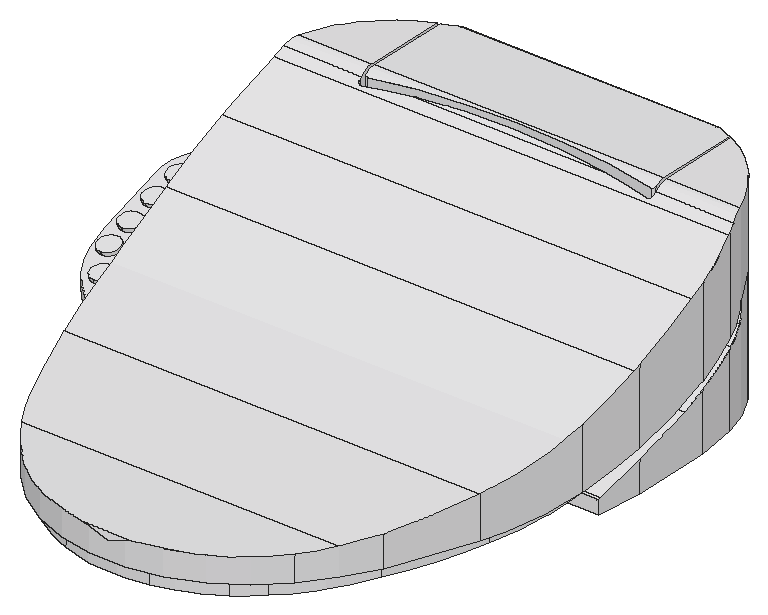
Revit family "Bidet_Seat-Elongated_Closed_Front-Cleansing-KOHLER-C3-300-K-23360T_1", category Plumbing Fixtures, host Face, Revit 2017
Family settings
  Host = Face
  Round Connector Dimension = Use Diameter
  Part Type = Normal
  OmniClass Number = 23.31.19.19.17
  OmniClass Title = Water Closet Seats
  Cut with Voids When Loaded = No
  Shared = No
  Room Calculation Point = No
Parameters (values of type "0-White")
  Width = 17 17/32"  # constant formula
  WaterSense Certified = 1 = 1  # yes
  Waste Water Outlet = "Waste Water Outlet"  # constant formula
  Waste Connection = 1 = 0  # no
  Voltage = 220 V  # constant formula
  Vent Connection = 1 = 0  # no
  URL = "http://www.kohler.com.cn/"
  Type = 1
  Seat Included = 1 = 1  # yes
  Product Page URL = "https://www.kohler.com.cn/product/K-23360T-0/K-23360T-0/"
  Product Name = "C3-300"  # constant formula
  Product Documentation Link = "https://files.kohler.com.cn/pdfs/1559803594104_%E5%B0%BA%E5%AF%B8%E5%9B%BE-C3-300%20%E7%B3%BB%E5%88%97.pdf"
  Pressure = 107.328 psi  # constant formula
  Model = if(Type = 1, "K-23360T-0", if(Type = 2, "K-23360T-HC-0", "NA"))  # "K-23360T-0"
  Material = "Plastic"  # constant formula
  Master Format 2014 Name = "Residential Water Closets"  # constant formula
  Master Format 2014 = "22 41 13.13"  # constant formula
  Manufacturer Address = "Kohler Beijing Office (100016) 36-2-03-B, No. 88, Liuxiang Road, Beijing"  # constant formula
  Manufacturer = "KOHLER Co."  # constant formula
  Length = 20 151/256"  # constant formula
  Hot Water Inlet = "Hot Water Inlet"  # constant formula
  Height = 6 79/256"  # constant formula
  HW Connection = 1 = 0  # no
  Flush Rate- LPF = "LPF"  # constant formula
  Flush Rate- GPF = "GPF"  # constant formula
  Flow Rate = 0 GPM
  Finish = Kohler-Plastic-0-White
  Environmental Product Declaration = ""
  Electrical Note = "One Dedicated Circuit Required "  # constant formula
  Electrical Connector = 1 = 1  # yes
  Description = if(Type = 1, "Qingshubao Smart Toilet Cover", if(Type = 2, "Qingshubao Smart Toilet Cover (Combined Version)", "NA"))  # "Qingshubao Smart Toilet Cover"
  Default Elevation = 0"
  Declare Label = ""
  Date Modified = "06/29/2021"  # constant formula
  Date Created = "06/29/2021"  # constant formula
  Copyright = "Copyright KOHLER Co."  # constant formula
  Contact Us = "http://www.kohler.com.cn/contact/contact-us/"
  Cold Water Inlet = "Cold Water Inlet"  # constant formula
  CW Connection = 1 = 1  # yes
  Assembly Code = "D2010100"
  Apparent Load = 0 VA
  ADA Compliant = 1 = 0  # no
Reference planes (in)
  plane 1 "Center (Front/Back)": y = 0
  plane 2: z = 0
  plane 3 "Center (Left/Right)": x = 0
  plane 4: through (-7.22853, -3.23407, 48) normal (-0.7547, -0.6561, 0)
  plane 5: x = 7.65748
  plane 6: y = -20.58984
  plane 7: x = -9.87377
  plane 8: x = -7.65748
  plane 9: y = -4.5
  plane 10: y = -3.21454
  plane 11: z = 6.30859
  plane 12: z = 1.55118
Dimensions and locks (in)
  "Length": plane 6 to plane 1 "Center (Front/Back)"
  "Width": plane 7 to plane 5
  plane 8 to plane 5 = 15.31496"
  "Height": level to plane 11
  plane 12 to level = 1.55118"
  aligned and locked: plane 2 to host face
  aligned and locked: level to host face
Automatic sketch dimensions
  host sketch curve to host sketch curve = 96"  (x2)
Nested families (in)
  nested 1: "K-23360T" at (0, 0, 0), type "K-23360T"
Connectors (in)
  piping at (-7.14489, -3.20713, 0.09478), diameter 0.5, driven by "CW Connection", driven by "Cold Water Inlet"
    settings: on nested 1, index 1, connector inside diameter 24", connector length 0", flow factor 0, pipe flow 0 GPM, pressure drop 0.00 psi, fitting loss kfactor 0, connector angle 0.00°, fixture units 0, engagement length 0", angle of deflection 0.00°, flow configuration 0, flow direction 1, fitting loss method 0, system type 20, joint type 0, gender type 0, connector reference index -1, connector utility 1, adjustable connector no, is connector primary yes, connector description "Cold Water Inlet"
  electrical at (-7.33021, -3.62811, 0.09478), driven by "Voltage", driven by "Electrical Connector", driven by "Electrical Note"
    settings: on nested 1, index 2, voltage 220 V, apparent load 0 VA, apparent load phase1 0 VA, apparent load phase2 0 VA, apparent load phase3 0 VA, power factor 1, load classification "Other", number of poles 1, system type 30, power factor state 1, is connector primary yes, connector utility yes, sub classification motor no, connector description "One Dedicated Circuit Required "
Definition of nested family "K-23360T"
  Parameters (values of type "K-23360T")
    Material = none
  Reference planes (in)
    plane 1 "Center (Front/Back)": y = 0
    plane 2: z = 0
    plane 3 "Center (Left/Right)": x = 0
    plane 4: x = 7.65748
    plane 5: x = -9.87402
    plane 6: y = -20.59055
    plane 7 "A": through (0, -5.00597, 2.67027) normal (0, -0.2084, 0.978)
    plane 8: z = 6.30709
    plane 9: y = -4.5
    plane 10: z = 1.55118
    plane 11: z = -0.62598
    plane 12 "X": through (-8.63286, -180, 0.62853) normal (0.5736, 0, -0.8192)
    plane 13 "Y": through (-7.39377, -3.67572, 48) normal (-0.9366, 0.3504, 0)
    plane 14: z = 0.21187
    plane 15: y = -3.21454
    plane 16: y = -3.62724
    plane 17: x = -7.65748
  Forms (in)
    Extrusion 1, solid, material <- "Material", detail levels medium+fine
      sketch origin (0, 0, 0) x (1, 0, 0) y (0, 1, 0)
        loop
          arc (-2.632, -0.22623) -> (-3.53382, -0.39472) -> (-4.40891, -0.67022) r 7.63098
          arc (-4.40891, -0.67022) -> (-5.54861, -1.2888) -> (-6.4872, -2.18358) r 4.92186
          arc (-6.4872, -2.18358) -> (-6.65991, -2.40843) -> (-6.8225, -2.64071) r 6.39864
          arc (-6.8225, -2.64071) -> (-7.24394, -3.41598) -> (-7.51871, -4.25452) r 4.87491
          arc (-7.51871, -4.25452) -> (-7.65124, -4.94369) -> (-7.73379, -5.64061) r 9.73724
          arc (-7.73379, -5.64061) -> (-7.79508, -6.94792) -> (-7.76478, -8.25632) r 18.70037
          arc (-7.76478, -8.25632) -> (-7.68749, -9.33825) -> (-7.58173, -10.41777) r 41.18957
          arc (-7.58173, -10.41777) -> (-7.30994, -12.11742) -> (-6.87733, -13.78342) r 18.03144
          arc (-6.87733, -13.78342) -> (-6.40401, -15.14752) -> (-5.84396, -16.47837) r 22.44287
          arc (-5.84396, -16.47837) -> (-5.26454, -17.54141) -> (-4.5453, -18.51531) r 8.8395
          arc (-4.5453, -18.51531) -> (0, -20.61682) -> (4.5453, -18.51531) r 5.96621
          arc (4.5453, -18.51531) -> (5.26454, -17.54141) -> (5.84396, -16.47837) r 8.8395
          arc (5.84396, -16.47837) -> (6.40401, -15.14752) -> (6.87733, -13.78342) r 22.44287
          arc (6.87733, -13.78342) -> (7.30994, -12.11742) -> (7.58173, -10.41777) r 18.03144
          arc (7.58173, -10.41777) -> (7.68749, -9.33825) -> (7.76478, -8.25632) r 41.18957
          arc (7.76478, -8.25632) -> (7.79508, -6.94792) -> (7.73379, -5.64061) r 18.70037
          arc (7.73379, -5.64061) -> (7.65124, -4.94369) -> (7.51871, -4.25452) r 9.73724
          arc (7.51871, -4.25452) -> (7.24394, -3.41598) -> (6.8225, -2.64071) r 4.87491
          arc (6.8225, -2.64071) -> (6.65991, -2.40843) -> (6.4872, -2.18358) r 6.39864
          arc (6.4872, -2.18358) -> (5.54861, -1.2888) -> (4.40891, -0.67022) r 4.92186
          arc (4.40891, -0.67022) -> (3.53382, -0.39472) -> (2.632, -0.22623) r 7.63098
          arc (2.632, -0.22623) -> (0, -0.0621) -> (-2.632, -0.22623) r 21.1856
      from 0 to 6.61994
    Extrusion 2, void
      sketch origin (0, 0, 0) x (0, 1, 0) y (0, 0, 1)
        loop
          line (-20.84085, -0.43611) -> (-9.8497, -0.43611) -> (-9.80406, 0.43476)
          arc (-9.80406, 0.43476) -> (-9.79103, 0.47046) -> (-9.76022, 0.49271) r 0.06479
          line (-9.76022, 0.49271) -> (-6.44053, 1.6219)
          arc (-6.44053, 1.6219) -> (-5.28955, 2.02742) -> (-4.14766, 2.45788) r 56.10147
          arc (-4.14766, 2.45788) -> (-3.847, 2.61454) -> (-3.58733, 2.8325) r 1.55864
          arc (-3.58733, 2.8325) -> (-3.3884, 3.15941) -> (-3.34529, 3.53966) r 0.88919
          line (-3.34529, 3.53966) -> (-3.55687, 3.46265)
          arc (-3.55687, 3.46265) -> (-3.60605, 3.1411) -> (-3.8408, 2.91592) r 0.50604
          arc (-3.8408, 2.91592) -> (-4.76036, 2.50905) -> (-5.69606, 2.14079) r 24.1626
          arc (-5.69606, 2.14079) -> (-7.83095, 1.46218) -> (-10.01952, 0.9842) r 24.1626
          arc (-10.01952, 0.9842) -> (-11.49314, 0.79074) -> (-12.9772, 0.71007) r 19.50147
          line (-12.9772, 0.71007) -> (-20.84085, 0.71007) -> (-20.84085, -0.43611)
        loop
          arc (-20.56292, 1.55813) -> (-19.07066, 1.55957) -> (-17.58075, 1.64339) r 27.01723
          arc (-17.58075, 1.64339) -> (-15.67367, 1.83538) -> (-13.77397, 2.09023) r 58.04729
          arc (-13.77397, 2.09023) -> (-11.05549, 2.70875) -> (-8.45763, 3.7206) r 18.89322
          arc (-8.45763, 3.7206) -> (-7.28636, 4.27326) -> (-6.11029, 4.81562) r 147.59323
          arc (-6.11029, 4.81562) -> (-5.17526, 5.28494) -> (-4.278, 5.82295) r 13.9622
          arc (-4.278, 5.82295) -> (-4.12834, 5.92865) -> (-3.98699, 6.04523) r 2.45477
          arc (-3.98699, 6.04523) -> (-3.78349, 6.17475) -> (-3.54956, 6.23364) r 0.75659
          arc (-3.54956, 6.23364) -> (-2.08684, 6.30288) -> (-0.62319, 6.25725) r 18.66812
          arc (-0.62319, 6.25725) -> (-0.59462, 6.2485) -> (-0.57277, 6.22812) r 0.06646
          line (-0.57277, 6.22812) -> (-0.31159, 5.84091)
          arc (-0.31159, 5.84091) -> (-0.28844, 5.79397) -> (-0.27868, 5.74256) r 0.19403
          line (-0.27868, 5.74256) -> (-0.05158, 1.40926) -> (0.73891, 1.40926) -> (0.73891, 6.84254) -> (-23.07999, 6.84254) -> (-23.07999, 1.11871) -> (-20.66437, 1.11871) -> (-20.56292, 1.55813)
      from -8.14785 to 8.3096
    Extrusion 3, void
      sketch origin (0, 0, 0) x (1, 0, 0) y (0, 1, 0)
        loop
          arc (-4.87511, -4.07413) -> (-4.83868, -4.15386) -> (-4.75456, -4.17852) r 0.10547
          arc (-4.75456, -4.17852) -> (0.00051, -3.83693) -> (4.75557, -4.17866) r 33.25991
          arc (4.75557, -4.17866) -> (4.83898, -4.15422) -> (4.87511, -4.07515) r 0.10459
          line (4.87511, -4.07515) -> (4.87511, 0.63275) -> (4.78652, 0.63275) -> (4.78652, -3.87997)
          arc (4.78652, -3.87997) -> (4.75946, -3.93939) -> (4.69688, -3.95801) r 0.07878
          arc (4.69688, -3.95801) -> (-0.0004, -3.63315) -> (-4.69762, -3.95885) r 34.0782
          arc (-4.69762, -3.95885) -> (-4.75968, -3.9404) -> (-4.78652, -3.88147) r 0.07813
          line (-4.78652, -3.88147) -> (-4.78652, 0.25976) -> (-4.87511, 0.25976) -> (-4.87511, -4.07413)
      from 5.37205 to 6.44426
    Extrusion 4, void
      sketch origin (0, 0, 0) x (1, 0, 0) y (0, 1, 0)
        loop
          arc (-7.2033, -10.07291) -> (-6.92091, -12.18279) -> (-6.39236, -14.24482) r 18.07015
          arc (-6.39236, -14.24482) -> (-5.8106, -15.74397) -> (-5.05266, -17.16222) r 13.33875
          arc (-5.05266, -17.16222) -> (-4.46208, -18.01125) -> (-3.77931, -18.78808) r 9.13408
          arc (-3.77931, -18.78808) -> (-2.86069, -19.53142) -> (-1.79908, -20.05048) r 5.24994
          arc (-1.79908, -20.05048) -> (-0.34212, -20.35348) -> (1.1425, -20.25118) r 5.45121
          arc (1.1425, -20.25118) -> (2.1615, -19.9152) -> (3.07958, -19.35988) r 4.76797
          arc (3.07958, -19.35988) -> (3.46738, -19.04439) -> (3.83811, -18.70902) r 9.54086
          arc (3.83811, -18.70902) -> (4.83593, -17.55699) -> (5.59702, -16.23654) r 7.99552
          arc (5.59702, -16.23654) -> (6.21051, -14.7267) -> (6.6968, -13.17121) r 19.65254
          arc (6.6968, -13.17121) -> (7.07365, -11.36561) -> (7.24722, -9.52929) r 16.54795
          arc (7.24722, -9.52929) -> (-0.27136, -2.00411) -> (-7.2033, -10.07291) r 7.25135
        loop
          arc (-2.14897, -7.20126) -> (-3.60117, -8.21444) -> (-4.13469, -9.90286) r 2.75
          arc (-4.13469, -9.90286) -> (-4.08296, -11.08802) -> (-3.97937, -12.26979) r 27.08675
          arc (-3.97937, -12.26979) -> (-3.73309, -13.60798) -> (-3.29556, -14.89638) r 9.36872
          arc (-3.29556, -14.89638) -> (-2.85833, -15.84611) -> (-2.36238, -16.76654) r 16.65657
          arc (-2.36238, -16.76654) -> (-1.75797, -17.55006) -> (-0.97071, -18.1496) r 3.775
          arc (-0.97071, -18.1496) -> (0, -18.40752) -> (0.97071, -18.1496) r 1.95566
          arc (0.97071, -18.1496) -> (1.75797, -17.55006) -> (2.36238, -16.76654) r 3.775
          arc (2.36238, -16.76654) -> (2.85833, -15.84611) -> (3.29556, -14.89638) r 16.65657
          arc (3.29556, -14.89638) -> (3.73309, -13.60798) -> (3.97937, -12.26979) r 9.36872
          arc (3.97937, -12.26979) -> (4.07935, -11.14217) -> (4.13212, -10.01136) r 27.08675
          arc (4.13212, -10.01136) -> (3.58078, -8.25134) -> (2.06759, -7.19688) r 2.85162
          arc (2.06759, -7.19688) -> (-0.041, -6.9016) -> (-2.14897, -7.20126) r 7.6198
        loop
          line (7.88545, -1.72211) -> (-7.86455, -1.72211) -> (-7.86455, -20.72211) -> (7.88545, -20.72211) -> (7.88545, -1.72211)
      from 0 to 3.64586
    Extrusion 5, solid, material <- "Material", detail levels medium+fine
      sketch origin (0, 0, 0) x (0, 1, 0) y (0, 0, 1)
        loop
          line (-20.51397, 0.77756) -> (-20.51397, 0.21344)
          arc (-20.51397, 0.21344) -> (-20.14542, 0.22025) -> (-19.77688, 0.21344) r 9.98024
          arc (-19.77688, 0.21344) -> (-18.77625, 0.19456) -> (-17.7756, 0.21186) r 27.6897
          arc (-17.7756, 0.21186) -> (-16.25723, 0.25294) -> (-14.73839, 0.26881) r 91.47885
          arc (-14.73839, 0.26881) -> (-12.96562, 0.31109) -> (-11.19635, 0.43023) r 40.86817
          arc (-11.19635, 0.43023) -> (-8.76163, 0.8143) -> (-6.40079, 1.52267) r 18.26561
          arc (-6.40079, 1.52267) -> (-5.435, 1.84076) -> (-4.44647, 2.07897) r 12.44782
          arc (-4.44647, 2.07897) -> (-3.45608, 2.52405) -> (-2.7608, 3.35804) r 2.41493
          arc (-2.7608, 3.35804) -> (-8.63047, 1.63787) -> (-14.69996, 0.88055) r 38.04465
          arc (-14.69996, 0.88055) -> (-17.05802, 0.80331) -> (-19.4172, 0.77756) r 108.08152
          line (-19.4172, 0.77756) -> (-20.51397, 0.77756)
      from -7.66751 to 7.66359
    Extrusion 6, solid, material <- "Material", detail levels medium+fine
      sketch origin (0, 0, 0) x (1, 0, 0) y (0, 1, 0)
        loop
          line (-6.1404, -11.70853) -> (-4.79013, -12.14777)
          arc (-4.79013, -12.14777) -> (-4.40059, -11.94946) -> (-4.5989, -11.55991) r 0.30909
          line (-4.5989, -11.55991) -> (-5.94917, -11.12067)
          arc (-5.94917, -11.12067) -> (-6.33872, -11.31899) -> (-6.1404, -11.70853) r 0.30909
        loop
          line (-3.24959, -16.79924) -> (-3.87702, -17.48399)
          arc (-3.87702, -17.48399) -> (-3.85791, -17.92163) -> (-3.42028, -17.90251) r 0.30975
          line (-3.42028, -17.90251) -> (-2.79284, -17.21776)
          arc (-2.79284, -17.21776) -> (-2.81196, -16.78013) -> (-3.24959, -16.79924) r 0.30975
        loop
          arc (6.1404, -11.70853) -> (6.33872, -11.31899) -> (5.94917, -11.12067) r 0.30909
          line (5.94917, -11.12067) -> (4.5989, -11.55991)
          arc (4.5989, -11.55991) -> (4.40059, -11.94946) -> (4.79013, -12.14777) r 0.30909
          line (4.79013, -12.14777) -> (6.1404, -11.70853)
        loop
          arc (3.24959, -16.79924) -> (2.81196, -16.78013) -> (2.79284, -17.21776) r 0.30975
          line (2.79284, -17.21776) -> (3.42028, -17.90251)
          arc (3.42028, -17.90251) -> (3.85791, -17.92163) -> (3.87702, -17.48399) r 0.30975
          line (3.87702, -17.48399) -> (3.24959, -16.79924)
      from 0 to 0.89755
    Extrusion 7, solid, material <- "Material", detail levels medium+fine
      sketch origin (0, 0, 0) x (0, 1, 0) y (0, 0, 1)
        loop
          line (-3.60482, 4.14958) -> (-4.2264, 3.79071) -> (-4.2264, 3.67632) -> (-3.60482, 3.67632) -> (-3.60482, 4.14958)
      from -5.05061 to 5.12502
    Extrusion 8, solid, material <- "Material", detail levels coarse
      sketch origin (0, 0, 0) x (1, 0, 0) y (0, 1, 0)
        loop
          arc (6.4872, -2.0905) -> (5.54861, -1.19572) -> (4.40891, -0.57714) r 4.92186
          arc (4.40891, -0.57714) -> (3.53382, -0.30164) -> (2.632, -0.13314) r 7.63098
          arc (2.632, -0.13314) -> (0, 0.03098) -> (-2.632, -0.13314) r 21.1856
          arc (-2.632, -0.13314) -> (-3.53382, -0.30164) -> (-4.40891, -0.57714) r 7.63098
          arc (-4.40891, -0.57714) -> (-5.54861, -1.19572) -> (-6.4872, -2.0905) r 4.92186
          arc (-6.4872, -2.0905) -> (-6.65991, -2.31535) -> (-6.8225, -2.54763) r 6.39864
          arc (-6.8225, -2.54763) -> (-7.24394, -3.3229) -> (-7.51871, -4.16144) r 4.87491
          arc (-7.51871, -4.16144) -> (-7.65124, -4.85061) -> (-7.73379, -5.54753) r 9.73724
          arc (-7.73379, -5.54753) -> (-7.79508, -6.85484) -> (-7.76478, -8.16323) r 18.70037
          arc (-7.76478, -8.16323) -> (-7.68749, -9.24517) -> (-7.58173, -10.32469) r 41.18957
          arc (-7.58173, -10.32469) -> (-7.30994, -12.02434) -> (-6.87733, -13.69033) r 18.03144
          arc (-6.87733, -13.69033) -> (-6.40401, -15.05444) -> (-5.84396, -16.38529) r 22.44287
          arc (-5.84396, -16.38529) -> (-5.03379, -17.79221) -> (-3.97998, -19.02723) r 8.8395
          arc (-3.97998, -19.02723) -> (0, -20.64567) -> (3.97998, -19.02723) r 5.7029
          arc (3.97998, -19.02723) -> (5.03379, -17.79221) -> (5.84396, -16.38529) r 8.8395
          arc (5.84396, -16.38529) -> (6.40401, -15.05444) -> (6.87733, -13.69033) r 22.44287
          arc (6.87733, -13.69033) -> (7.30994, -12.02434) -> (7.58173, -10.32469) r 18.03144
          arc (7.58173, -10.32469) -> (7.68749, -9.24517) -> (7.76478, -8.16323) r 41.18957
          arc (7.76478, -8.16323) -> (7.79508, -6.85484) -> (7.73379, -5.54753) r 18.70037
          arc (7.73379, -5.54753) -> (7.65124, -4.85061) -> (7.51871, -4.16144) r 9.73724
          arc (7.51871, -4.16144) -> (7.24394, -3.3229) -> (6.8225, -2.54763) r 4.87491
          arc (6.8225, -2.54763) -> (6.65991, -2.31535) -> (6.4872, -2.0905) r 6.39864
      from 0 to 6.44426
    Extrusion 9, void
      sketch origin (-5.27952, 1.97527, 0) x (-0.350416, -0.936594, 0) y (0, 0, 1)
        loop
          line (8.13266, -0.18183) -> (9.0431, -0.18183) -> (9.0431, 0.68439)
          arc (9.0431, 0.68439) -> (8.58788, 1.13961) -> (8.13266, 0.68439) r 0.45522
          line (8.13266, 0.68439) -> (8.13266, -0.18183)
      from 0.1714 to -1.11507
    Extrusion 10, void
      sketch origin (0, 0, 0) x (0, 1, 0) y (0, 0, 1)
        loop
          line (-1.40685, 5.83219) -> (-1.40685, 5.5992)
          arc (-1.40685, 5.5992) -> (-1.4263, 5.24936) -> (-1.48443, 4.90384) r 3.15513
          arc (-1.48443, 4.90384) -> (-1.76733, 4.33714) -> (-2.28056, 3.96596) r 1.32792
          line (-2.28056, 3.96596) -> (-3.41628, 3.53) -> (-3.34228, 3.51695) -> (-1.71282, 4.19624)
          arc (-1.71282, 4.19624) -> (-1.53118, 4.3224) -> (-1.37198, 4.47591) r 1.38258
          arc (-1.37198, 4.47591) -> (-1.3219, 4.56364) -> (-1.31089, 4.66407) r 0.24838
          line (-1.31089, 4.66407) -> (-1.37227, 5.83525) -> (-1.62325, 6.20734) -> (-1.65989, 6.20734) -> (-1.40685, 5.83219)
      from -9.84252 to 9.84252
    Extrusion 11, solid, material <- "Material", detail levels medium+fine
      sketch origin (0, 0, 0) x (0, 1, 0) y (0, 0, 1)
        loop
          line (-11.87895, 1.27729) -> (-11.87895, 0.93336) -> (-3.72538, 2.81576) -> (-3.72538, 3.15969) -> (-11.87895, 1.27729)
      from -9.84252 to -6.7832
    Extrusion 12, void
      sketch origin (0, 0, 0) x (1, 0, 0) y (0, 1, 0)
        loop
          arc (-6.94154, -3.70016) -> (-6.90136, -3.59947) -> (-6.98766, -3.53385) r 0.08955
          line (-6.98766, -3.53385) -> (-10.32746, -3.53385) -> (-10.32746, -12.19527) -> (-6.78415, -12.19527) -> (-6.78415, -11.99842)
          arc (-6.78415, -11.99842) -> (-7.53517, -11.61814) -> (-8.25325, -11.1788) r 10.47845
          arc (-8.25325, -11.1788) -> (-8.98909, -10.4627) -> (-9.42075, -9.53107) r 2.82798
          arc (-9.42075, -9.53107) -> (-9.51015, -9.1123) -> (-9.56493, -8.68762) r 5.22103
          line (-9.56493, -8.68762) -> (-9.76562, -6.39379)
          arc (-9.76562, -6.39379) -> (-9.63771, -5.66756) -> (-9.16404, -5.10241) r 1.42556
          arc (-9.16404, -5.10241) -> (-8.49104, -4.64791) -> (-7.80244, -4.21744) r 23.0155
          line (-7.80244, -4.21744) -> (-6.94154, -3.70016)
      from 0.89755 to 3.21495
    Extrusion 13, solid, material <- "Material", detail levels medium+fine
      sketch origin (0, -5.01358, 2.71838) x (0, 0.974263, 0.225413) y (-1, 0, 0)
        loop
          circle (-0.22868, 8.20952) r 0.35433
        loop
          circle (-1.21293, 8.20952) r 0.35433
        loop
          circle (-2.2956, 8.20952) r 0.35433
        loop
          circle (-3.37828, 8.16031) r 0.35433
        loop
          circle (-4.41175, 8.1111) r 0.35433
        loop
          circle (-1.19607, 9.13151) r 0.35433
        loop
          circle (-2.22954, 9.13151) r 0.35433
        loop
          circle (-3.31222, 9.0823) r 0.35433
        loop
          circle (-4.34568, 8.98388) r 0.35433
        loop
          circle (-5.34217, 8.44254) r 0.35433
      from 0.08949 to 0.23553
    Extrusion 14, void
      sketch origin (0, 0, 0) x (0, 1, 0) y (0, 0, 1)
        loop
          line (-21.16757, 1.75853) -> (-18.80536, 1.75853)
          arc (-18.80536, 1.75853) -> (-14.65529, 2.03559) -> (-10.57888, 2.86185) r 31.2203
          arc (-10.57888, 2.86185) -> (-7.24378, 4.13249) -> (-4.21758, 6.02445) r 18.35676
          arc (-4.21758, 6.02445) -> (-3.7643, 6.26744) -> (-3.2569, 6.35142) r 1.5748
          line (-3.2569, 6.35142) -> (0.21916, 6.35142) -> (0.21916, 7.72938) -> (-21.16757, 7.72938) -> (-21.16757, 1.75853)
      from -9.84252 to 9.84252
    Extrusion 15, solid, material <- "Material", detail levels coarse
      sketch origin (0, 0, 0) x (0, 1, 0) y (0, 0, 1)
        loop
          line (-11.65756, 0.93526) -> (-3.99765, 2.70369) -> (-3.99765, 3.18643) -> (-11.65756, 1.418) -> (-11.65756, 0.93526)
      from -10.32746 to -6.7832
    Extrusion 16, solid, detail levels medium+fine
      sketch origin (0, 0, 0) x (1, 0, 0) y (0, 1, 0)
        loop
          line (-7.11577, -3.14391) -> (-7.17401, -3.27035) -> (-7.12999, -3.27035) -> (-7.08269, -3.14391) -> (-7.11577, -3.14391)
        loop
          line (-7.31124, -3.57739) -> (-7.34919, -3.67883) -> (-7.31415, -3.67883) -> (-7.2762, -3.57739) -> (-7.31124, -3.57739)
      from 0 to 0.18956
  Cuts and joins
    Extrusion 2, Extrusion 3, Extrusion 9, Extrusion 10 cuts Extrusion 1
    Extrusion 3, Extrusion 10 cuts Extrusion 7
    joined: Extrusion 1, Extrusion 7
    Extrusion 4 cuts Extrusion 5
    joined: Extrusion 5, Extrusion 6
    Extrusion 3, Extrusion 10, Extrusion 14 cuts Extrusion 8
    Extrusion 12 cuts Extrusion 11
    Extrusion 12 cuts Extrusion 15
  Lines and regions (in)
    Masking region 1
      outline origin (0, 0, 0) x (1, 0, 0) y (0, 1, 0)
        loop
          arc (5.84396, -16.41627) -> (6.40401, -15.08542) -> (6.87733, -13.72132) r 22.44287
          arc (6.87733, -13.72132) -> (7.10078, -12.94229) -> (7.289, -12.154) r 18.03144
          arc (7.289, -12.154) -> (7.69522, -7.8945) -> (7.289, -3.63501) r 22.53511
          arc (7.289, -3.63501) -> (6.89021, -2.93777) -> (6.42368, -2.28393) r 8.0192
          arc (6.42368, -2.28393) -> (5.17544, -1.15239) -> (3.62848, -0.48499) r 5.14258
          arc (3.62848, -0.48499) -> (2.42799, -0.23175) -> (1.21277, -0.06273) r 17.60622
          arc (1.21277, -0.06273) -> (0.6072, -0.01569) -> (0, 0) r 11.75539
          arc (0, 0) -> (-1.52656, -0.04923) -> (-3.04678, -0.1967) r 23.6943
          arc (-3.04678, -0.1967) -> (-4.36071, -0.53841) -> (-5.54861, -1.19572) r 5.42374
          arc (-5.54861, -1.19572) -> (-6.24218, -1.81832) -> (-6.8225, -2.54763) r 5.58235
          arc (-6.8225, -2.54763) -> (-6.9747, -2.79086) -> (-7.11232, -3.04262) r 4.87491
          arc (-7.11232, -3.04262) -> (-7.26597, -3.37479) -> (-7.39427, -3.71755) r 4.87491
          arc (-7.39427, -3.71755) -> (-7.44321, -3.87362) -> (-7.48688, -4.03124) r 4.87491
          arc (-7.48688, -4.03124) -> (-8.35998, -4.56336) -> (-9.20857, -5.13373) r 23.0155
          arc (-9.20857, -5.13373) -> (-9.7593, -5.82578) -> (-9.85014, -6.70555) r 1.5748
          arc (-9.85014, -6.70555) -> (-9.68345, -7.72868) -> (-9.55833, -8.75771) r 25.59687
          arc (-9.55833, -8.75771) -> (-9.5041, -9.14698) -> (-9.42075, -9.53107) r 5.22103
          arc (-9.42075, -9.53107) -> (-8.98909, -10.4627) -> (-8.25325, -11.1788) r 2.82798
          arc (-8.25325, -11.1788) -> (-7.83625, -11.44355) -> (-7.40724, -11.68835) r 10.47845
          arc (-7.40724, -11.68835) -> (-6.75713, -14.0958) -> (-5.84396, -16.41627) r 22.44287
          arc (-5.84396, -16.41627) -> (-5.01203, -17.85391) -> (-3.92584, -19.11053) r 8.8395
          arc (-3.92584, -19.11053) -> (-2.10766, -20.24824) -> (0, -20.64567) r 5.78736
          arc (0, -20.64567) -> (2.10766, -20.24824) -> (3.92584, -19.11053) r 5.78736
          arc (3.92584, -19.11053) -> (5.01203, -17.85391) -> (5.84396, -16.41627) r 8.8395
    Masking region 2
      outline origin (0, 0, 0) x (0, 1, 0) y (0, 0, 1)
        loop
          line (0.00921, 0) -> (-0.29386, 5.78302)
          arc (-0.29386, 5.78302) -> (-0.30158, 5.82363) -> (-0.31986, 5.86071) r 0.15329
          line (-0.31986, 5.86071) -> (-0.56636, 6.22617)
          arc (-0.56636, 6.22617) -> (-0.58829, 6.24659) -> (-0.61695, 6.25531) r 0.06645
          arc (-0.61695, 6.25531) -> (-1.94364, 6.30189) -> (-3.27053, 6.26156) r 20.27786
          arc (-3.27053, 6.26156) -> (-3.91586, 6.1263) -> (-4.49651, 5.81391) r 2.3055
          arc (-4.49651, 5.81391) -> (-7.40062, 4.05544) -> (-10.57888, 2.86185) r 18.35676
          arc (-10.57888, 2.86185) -> (-13.90258, 2.10976) -> (-17.27962, 1.65343) r 38.63889
          arc (-17.27962, 1.65343) -> (-18.80545, 1.55596) -> (-20.33431, 1.53917) r 28.95279
          line (-20.33431, 1.53917) -> (-20.47598, 1.43992) -> (-20.59291, 1.13531) -> (-20.59291, 0.75877) -> (-20.39606, 0.75877) -> (-20.39606, 0.14764) -> (-18.23071, 0.14764) -> (-18.08307, 0) -> (-16.75142, 0) -> (-16.60379, 0.14764) -> (-12.6311, 0.14764) -> (-12.48346, 0) -> (-11.10551, 0) -> (-11.10551, 0.47851) -> (-6.44053, 1.6219) -> (-9.75579, 0.49422)
          arc (-9.75579, 0.49422) -> (-9.79528, 0.4649) -> (-9.81032, 0.41807) r 0.08043
          line (-9.81032, 0.41807) -> (-9.81032, 0) -> (0.00921, 0)
    Masking region 3
      outline origin (0, 0, 0) x (1, 0, 0) y (0, 0, 1)
        loop
          line (-7.65748, 0) -> (0.55118, 0) -> (7.65748, 0)
          arc (7.65748, 0) -> (7.67243, 0.56772) -> (7.71123, 1.13431) r 13.50771
          arc (7.71123, 1.13431) -> (7.76879, 2.05883) -> (7.77596, 2.98511) r 17.01834
          arc (7.77596, 2.98511) -> (7.75224, 3.71358) -> (7.70951, 4.44119) r 27.89946
          arc (7.70951, 4.44119) -> (7.57404, 5.04298) -> (7.26712, 5.57805) r 2.0682
          arc (7.26712, 5.57805) -> (6.82077, 5.97319) -> (6.24929, 6.14283) r 1.37795
          line (6.24929, 6.14283) -> (4.87511, 6.2399) -> (4.87511, 5.7545) -> (4.78652, 5.7545) -> (4.78652, 6.24474)
          arc (4.78652, 6.24474) -> (4.46021, 6.25893) -> (4.13379, 6.27013) r 35.67309
          arc (4.13379, 6.27013) -> (2.06698, 6.29785) -> (0, 6.30709) r 231.22554
          arc (0, 6.30709) -> (-1.56717, 6.30178) -> (-3.13427, 6.28584) r 231.22554
          arc (-3.13427, 6.28584) -> (-3.96063, 6.27486) -> (-4.78652, 6.24474) r 35.67309
          line (-4.78652, 6.24474) -> (-4.78652, 5.7545) -> (-4.87511, 5.7545) -> (-4.87511, 6.2399) -> (-5.5956, 6.18951)
          arc (-5.5956, 6.18951) -> (-6.16543, 6.12142) -> (-6.72584, 5.99777) r 5.84446
          arc (-6.72584, 5.99777) -> (-7.1704, 5.73651) -> (-7.42186, 5.28632) r 0.98425
          arc (-7.42186, 5.28632) -> (-7.50757, 4.91523) -> (-7.58035, 4.5414) r 10.97426
          arc (-7.58035, 4.5414) -> (-7.65958, 3.80705) -> (-7.63931, 3.06872) r 5.47842
          line (-7.63931, 3.06872) -> (-7.80244, 3.04609)
          arc (-7.80244, 3.04609) -> (-8.4838, 2.94772) -> (-9.16404, 2.84178) r 62.01536
          arc (-9.16404, 2.84178) -> (-9.38612, 2.80552) -> (-9.60807, 2.76845) r 62.01536
          arc (-9.60807, 2.76845) -> (-9.78527, 2.67318) -> (-9.86832, 2.48992) r 0.31411
          arc (-9.86832, 2.48992) -> (-9.87217, 2.44114) -> (-9.87402, 2.39225) r 1.18728
          arc (-9.87402, 2.39225) -> (-9.87294, 2.35053) -> (-9.86831, 2.30906) r 0.48798
          arc (-9.86831, 2.30906) -> (-9.85672, 2.25363) -> (-9.83944, 2.19971) r 0.54421
          line (-9.83944, 2.19971) -> (-9.64524, 1.68726)
          arc (-9.64524, 1.68726) -> (-9.63716, 1.67063) -> (-9.62621, 1.65573) r 0.10247
          arc (-9.62621, 1.65573) -> (-9.42209, 1.47002) -> (-9.18266, 1.33282) r 1.26915
          spline (-9.18266, 1.33282) -> (-9.12721, 1.30978) -> (-9.06769, 1.28725) -> (-9.0042, 1.26528) -> (-8.93684, 1.2439) -> (-8.86572, 1.22315) -> (-8.79095, 1.20305) -> (-8.71266, 1.18365) -> (-8.63097, 1.16496) -> (-8.54602, 1.14704) -> (-8.45793, 1.12989) -> (-8.36685, 1.11355) -> (-8.27293, 1.09805)
          spline (-8.27293, 1.09805) -> (-8.22271, 1.09031) -> (-8.1723, 1.08263) -> (-8.12168, 1.07502) -> (-8.07087, 1.06748) -> (-8.01986, 1.06001) -> (-7.96865, 1.0526) -> (-7.91726, 1.04526) -> (-7.86568, 1.03799) -> (-7.81391, 1.03078) -> (-7.76195, 1.02364) -> (-7.70981, 1.01658) -> (-7.65748, 1.00958)
          line (-7.65748, 1.00958) -> (-7.65748, 0)
    symbolic lines, detail levels medium+fine
      curve 1: arc (0.00025, -20.20751, 0) -> (1.25292, -20.13298, 0) -> (2.42851, -19.69399, 0) r 4.22738
      curve 2: arc (-2.4425, -19.6939, 0) -> (-1.25944, -20.13294, 0) -> (0.00025, -20.20751, 0) r 4.27571
      curve 3: line (-5.01762, -16.97037, 0) -> (-2.4425, -19.6939, 0)
      curve 4: line (-6.82699, -12.12456, 0) -> (-5.01762, -16.97037, 0)
      curve 5: spline (-7.22223, -8.63988, 0) -> (-7.22394, -8.92533, 0) -> (-7.21929, -9.21246, 0) -> (-7.2083, -9.50103, 0) -> (-7.19097, -9.7908, 0) -> (-7.16732, -10.08156, 0) -> (-7.13737, -10.37306, 0) -> (-7.10114, -10.66507, 0) -> (-7.05866, -10.95736, 0) -> (-7.00996, -11.24969, 0) -> (-6.95508, -11.54182, 0) -> (-6.89408, -11.83352, 0) -> (-6.82699, -12.12456, 0)
      curve 6: spline (-7.05229, -6.77167, 0) -> (-7.07644, -6.92403, 0) -> (-7.09879, -7.07707, 0) -> (-7.11933, -7.23078, 0) -> (-7.13806, -7.38513, 0) -> (-7.15496, -7.5401, 0) -> (-7.17005, -7.69565, 0) -> (-7.18331, -7.85177, 0) -> (-7.19475, -8.00842, 0) -> (-7.20437, -8.16558, 0) -> (-7.21215, -8.32323, 0) -> (-7.21811, -8.48134, 0) -> (-7.22223, -8.63988, 0)
      curve 7: line (2.42851, -19.69399, 0) -> (4.97741, -16.97037, 0)
      curve 8: line (4.97741, -16.97037, 0) -> (6.76316, -12.12442, 0)
      curve 9: spline (6.76316, -12.12442, 0) -> (6.83123, -11.82379, 0) -> (6.89313, -11.52255, 0) -> (6.9488, -11.22095, 0) -> (6.99821, -10.91923, 0) -> (7.04131, -10.61765, 0) -> (7.07807, -10.31645, 0) -> (7.10845, -10.01589, 0) -> (7.13243, -9.71621, 0) -> (7.15, -9.41767, 0) -> (7.16113, -9.1205, 0) -> (7.16581, -8.82495, 0) -> (7.16405, -8.53127, 0)
      curve 10: spline (7.16405, -8.53127, 0) -> (7.1599, -8.38059, 0) -> (7.15414, -8.23031, 0) -> (7.14676, -8.08045, 0) -> (7.13778, -7.93104, 0) -> (7.12719, -7.78211, 0) -> (7.11499, -7.63366, 0) -> (7.10119, -7.48573, 0) -> (7.08578, -7.33833, 0) -> (7.06878, -7.19149, 0) -> (7.05017, -7.04522, 0) -> (7.02997, -6.89956, 0) -> (7.00818, -6.75452, 0)
      curve 11: line (6.82933, -5.76239, 0) -> (4.87511, -1.5116, 0)
      curve 12: line (4.78652, -1.47011, 0) -> (0, -0.60812, 0)
      curve 13: line (0, -0.60812, 0) -> (-4.78652, -1.46608, 0)
      curve 14: line (-4.87511, -1.51203, 0) -> (-6.8602, -5.76239, 0)
      curve 15: line (-6.8602, -5.76239, 0) -> (-7.05229, -6.77167, 0)
      curve 16: line (6.82933, -5.76239, 0) -> (7.00818, -6.75452, 0)
      curve 17: arc (4.67265, -3.95464, 0) -> (0.00333, -3.63315, 0) -> (-4.66601, -3.95446, 0) r 34.0782
      curve 18: arc (-4.72635, -4.17446, 0) -> (0.00566, -3.83693, 0) -> (4.73755, -4.17607, 0) r 33.25991
      curve 19: line (-4.87511, -0.78364, 0) -> (-4.87511, -1.51203, 0)
      curve 20: line (-4.78652, -3.84947, 0) -> (-4.78652, -0.73988, 0)
      curve 21: line (4.78652, -0.92557, 0) -> (4.78652, -3.85544, 0)
      curve 22: line (4.87511, -4.05689, 0) -> (4.87511, -1.5116, 0)
      curve 23: arc (-4.87511, -4.04552, 0) -> (-4.83016, -4.14395, 0) -> (-4.72635, -4.17446, 0) r 0.13025
      curve 24: arc (-4.66601, -3.95446, 0) -> (-4.75015, -3.92939, 0) -> (-4.78652, -3.84947, 0) r 0.10599
      curve 25: arc (4.73755, -4.17607, 0) -> (4.83355, -4.14789, 0) -> (4.87511, -4.05689, 0) r 0.12041
      curve 26: arc (4.78652, -3.85544, 0) -> (4.75215, -3.93095, 0) -> (4.67265, -3.95464, 0) r 0.10014
      curve 27: spline (7.57645, 0, 1.27687) -> (7.54268, 0, 1.22149) -> (7.50449, 0, 1.17036) -> (7.4619, 0, 1.1235) -> (7.41494, 0, 1.08094) -> (7.36362, 0, 1.04269) -> (7.30796, 0, 1.00878) -> (7.248, 0, 0.97921) -> (7.18376, 0, 0.954) -> (7.11528, 0, 0.93317) -> (7.04257, 0, 0.91672) -> (6.96569, 0, 0.90467) -> (6.88466, 0, 0.89701)
      curve 28: spline (6.88466, 0, 0.89701) -> (6.81138, 0, 0.89135) -> (6.73562, 0, 0.88595) -> (6.6574, 0, 0.88082) -> (6.57671, 0, 0.87595) -> (6.49358, 0, 0.87135) -> (6.408, 0, 0.86701) -> (6.31999, 0, 0.86294) -> (6.22956, 0, 0.85913) -> (6.13672, 0, 0.85559) -> (6.04148, 0, 0.85231) -> (5.94386, 0, 0.8493) -> (5.84385, 0, 0.84656)
      curve 29: arc (5.84385, 0, 0.84656) -> (-0.00044, 0, 0.78436) -> (-5.84394, 0, 0.89897) r 193.19135
      curve 30: line (-4.78652, 0, 5.82076) -> (4.78652, 0, 5.82076)
      curve 31: line (-4.87511, 0, 5.7545) -> (4.87511, 0, 5.7545)
      curve 32: arc (-7.0522, 0, 0.8063) -> (-1.31702, 0, 0.61864) -> (4.42081, 0, 0.68824) r 127.99362
      curve 33: line (-6.60145, 0, 0.2728) -> (6.60145, 0, 0.2728)
      curve 34: line (-6.35388, 0, 0.0645) -> (-6.35388, 0, 0.2728)
      curve 35: line (-4.38543, 0, 0.06299) -> (-4.38543, 0, 0.2728)
      curve 36: line (6.35388, 0, 0.06299) -> (6.35388, 0, 0.2728)
      curve 37: line (4.38543, 0, 0.06299) -> (4.38543, 0, 0.2728)
      curve 38: line (3.9584, 0, 0.06299) -> (3.9584, 0, 0.2728)
      curve 39: line (2.71147, 0, 0.06299) -> (2.71147, 0, 0.2728)
      curve 40: line (-2.71147, 0, 0.06299) -> (-2.71147, 0, 0.2728)
      curve 41: line (-3.9584, 0, 0.06299) -> (-3.9584, 0, 0.2728)
      curve 42: arc (-6.28938, 0, 0) -> (-6.33499, 0, 0.01889) -> (-6.35388, 0, 0.0645) r 0.0645
      curve 43: arc (-4.44842, 0, 0) -> (-4.40388, 0, 0.01845) -> (-4.38543, 0, 0.06299) r 0.06299
      curve 44: arc (-3.8954, 0, 0) -> (-3.93995, 0, 0.01845) -> (-3.9584, 0, 0.06299) r 0.06299
      curve 45: arc (-2.77446, 0, 0) -> (-2.72992, 0, 0.01845) -> (-2.71147, 0, 0.06299) r 0.06299
      curve 46: arc (2.77446, 0, 0) -> (2.72992, 0, 0.01845) -> (2.71147, 0, 0.06299) r 0.06299
      curve 47: arc (3.8954, 0, 0) -> (3.93995, 0, 0.01845) -> (3.9584, 0, 0.06299) r 0.06299
      curve 48: arc (4.44842, 0, 0) -> (4.40388, 0, 0.01845) -> (4.38543, 0, 0.06299) r 0.06299
      curve 49: arc (6.29089, 0, 0) -> (6.33543, 0, 0.01845) -> (6.35388, 0, 0.06299) r 0.06299
      curve 50: arc (-7.65296, -7.02104, 0) -> (-7.67845, -7.98692, 0) -> (-7.65748, -8.95292, 0) r 20.09854
      curve 51: arc (-7.65748, -8.95292, 0) -> (-7.56347, -10.32348, 0) -> (-7.40724, -11.68835, 0) r 30.20452
      curve 52: line (-4.87511, -1.51203, 0) -> (-4.87511, -4.04552, 0)
      curve 53: line (4.87511, -1.5116, 0) -> (4.87511, -0.97337, 0)
      curve 54: spline (-8.20952, -4.90172, 0) -> (-8.11782, -4.91353, 0) -> (-8.03236, -4.94815, 0) -> (-7.95897, -5.00323, 0) -> (-7.90266, -5.075, 0) -> (-7.86727, -5.15858, 0) -> (-7.85519, -5.24828, 0) -> (-7.86727, -5.33797, 0) -> (-7.90266, -5.42155, 0) -> (-7.95897, -5.49333, 0) -> (-8.03236, -5.5484, 0) -> (-8.11782, -5.58302, 0) -> (-8.20952, -5.59483, 0)
      curve 55: spline (-8.20952, -5.59483, 0) -> (-8.30123, -5.58302, 0) -> (-8.38669, -5.5484, 0) -> (-8.46007, -5.49333, 0) -> (-8.51638, -5.42155, 0) -> (-8.55178, -5.33797, 0) -> (-8.56385, -5.24828, 0) -> (-8.55178, -5.15858, 0) -> (-8.51638, -5.075, 0) -> (-8.46007, -5.00323, 0) -> (-8.38669, -4.94815, 0) -> (-8.30123, -4.91353, 0) -> (-8.20952, -4.90172, 0)
      curve 56: spline (-8.20952, -5.86437, 0) -> (-8.11782, -5.87618, 0) -> (-8.03236, -5.9108, 0) -> (-7.95897, -5.96587, 0) -> (-7.90266, -6.03765, 0) -> (-7.86727, -6.12123, 0) -> (-7.85519, -6.21092, 0) -> (-7.86727, -6.30062, 0) -> (-7.90266, -6.3842, 0) -> (-7.95897, -6.45597, 0) -> (-8.03236, -6.51105, 0) -> (-8.11782, -6.54567, 0) -> (-8.20952, -6.55748, 0)
      curve 57: spline (-8.20952, -6.55748, 0) -> (-8.30123, -6.54567, 0) -> (-8.38669, -6.51105, 0) -> (-8.46007, -6.45597, 0) -> (-8.51638, -6.3842, 0) -> (-8.55178, -6.30062, 0) -> (-8.56385, -6.21092, 0) -> (-8.55178, -6.12123, 0) -> (-8.51638, -6.03765, 0) -> (-8.46007, -5.96587, 0) -> (-8.38669, -5.9108, 0) -> (-8.30123, -5.87618, 0) -> (-8.20952, -5.86437, 0)
      curve 58: spline (-9.13151, -5.84789, 0) -> (-9.03981, -5.8597, 0) -> (-8.95435, -5.89432, 0) -> (-8.88096, -5.94939, 0) -> (-8.82465, -6.02116, 0) -> (-8.78926, -6.10475, 0) -> (-8.77718, -6.19444, 0) -> (-8.78926, -6.28413, 0) -> (-8.82465, -6.36772, 0) -> (-8.88096, -6.43949, 0) -> (-8.95435, -6.49456, 0) -> (-9.03981, -6.52918, 0) -> (-9.13151, -6.54099, 0)
      curve 59: spline (-9.13151, -6.54099, 0) -> (-9.22322, -6.52918, 0) -> (-9.30868, -6.49456, 0) -> (-9.38206, -6.43949, 0) -> (-9.43837, -6.36772, 0) -> (-9.47377, -6.28413, 0) -> (-9.48584, -6.19444, 0) -> (-9.47377, -6.10475, 0) -> (-9.43837, -6.02116, 0) -> (-9.38206, -5.94939, 0) -> (-9.30868, -5.89432, 0) -> (-9.22322, -5.8597, 0) -> (-9.13151, -5.84789, 0)
      curve 60: spline (-8.20952, -6.92328, 0) -> (-8.11782, -6.93509, 0) -> (-8.03236, -6.96971, 0) -> (-7.95897, -7.02478, 0) -> (-7.90266, -7.09656, 0) -> (-7.86727, -7.18014, 0) -> (-7.85519, -7.26983, 0) -> (-7.86727, -7.35953, 0) -> (-7.90266, -7.44311, 0) -> (-7.95897, -7.51488, 0) -> (-8.03236, -7.56996, 0) -> (-8.11782, -7.60458, 0) -> (-8.20952, -7.61639, 0)
      curve 61: spline (-8.20952, -7.61639, 0) -> (-8.30123, -7.60458, 0) -> (-8.38669, -7.56996, 0) -> (-8.46007, -7.51488, 0) -> (-8.51638, -7.44311, 0) -> (-8.55178, -7.35953, 0) -> (-8.56385, -7.26983, 0) -> (-8.55178, -7.18014, 0) -> (-8.51638, -7.09656, 0) -> (-8.46007, -7.02478, 0) -> (-8.38669, -6.96971, 0) -> (-8.30123, -6.93509, 0) -> (-8.20952, -6.92328, 0)
      curve 62: spline (-9.13151, -6.85867, 0) -> (-9.03981, -6.87047, 0) -> (-8.95435, -6.9051, 0) -> (-8.88096, -6.96017, 0) -> (-8.82465, -7.03194, 0) -> (-8.78926, -7.11552, 0) -> (-8.77718, -7.20522, 0) -> (-8.78926, -7.29491, 0) -> (-8.82465, -7.3785, 0) -> (-8.88096, -7.45027, 0) -> (-8.95435, -7.50534, 0) -> (-9.03981, -7.53996, 0) -> (-9.13151, -7.55177, 0)
      curve 63: spline (-9.13151, -7.55177, 0) -> (-9.22322, -7.53996, 0) -> (-9.30868, -7.50534, 0) -> (-9.38206, -7.45027, 0) -> (-9.43837, -7.3785, 0) -> (-9.47377, -7.29491, 0) -> (-9.48584, -7.20522, 0) -> (-9.47377, -7.11552, 0) -> (-9.43837, -7.03194, 0) -> (-9.38206, -6.96017, 0) -> (-9.30868, -6.9051, 0) -> (-9.22322, -6.87047, 0) -> (-9.13151, -6.85867, 0)
      curve 64: spline (-8.16031, -7.98219, 0) -> (-8.0686, -7.994, 0) -> (-7.98315, -8.02862, 0) -> (-7.90976, -8.0837, 0) -> (-7.85345, -8.15547, 0) -> (-7.81805, -8.23905, 0) -> (-7.80598, -8.32875, 0) -> (-7.81805, -8.41844, 0) -> (-7.85345, -8.50202, 0) -> (-7.90976, -8.5738, 0) -> (-7.98315, -8.62887, 0) -> (-8.0686, -8.66349, 0) -> (-8.16031, -8.6753, 0)
      curve 65: spline (-8.16031, -8.6753, 0) -> (-8.25202, -8.66349, 0) -> (-8.33748, -8.62887, 0) -> (-8.41086, -8.5738, 0) -> (-8.46717, -8.50202, 0) -> (-8.50257, -8.41844, 0) -> (-8.51464, -8.32875, 0) -> (-8.50257, -8.23905, 0) -> (-8.46717, -8.15547, 0) -> (-8.41086, -8.0837, 0) -> (-8.33748, -8.02862, 0) -> (-8.25202, -7.994, 0) -> (-8.16031, -7.98219, 0)
      curve 66: spline (-9.0823, -7.91758, 0) -> (-8.99059, -7.92939, 0) -> (-8.90514, -7.96401, 0) -> (-8.83175, -8.01908, 0) -> (-8.77544, -8.09085, 0) -> (-8.74004, -8.17444, 0) -> (-8.72797, -8.26413, 0) -> (-8.74004, -8.35382, 0) -> (-8.77544, -8.43741, 0) -> (-8.83175, -8.50918, 0) -> (-8.90514, -8.56425, 0) -> (-8.99059, -8.59887, 0) -> (-9.0823, -8.61068, 0)
      curve 67: spline (-9.0823, -8.61068, 0) -> (-9.17401, -8.59887, 0) -> (-9.25947, -8.56425, 0) -> (-9.33285, -8.50918, 0) -> (-9.38916, -8.43741, 0) -> (-9.42456, -8.35382, 0) -> (-9.43663, -8.26413, 0) -> (-9.42456, -8.17444, 0) -> (-9.38916, -8.09085, 0) -> (-9.33285, -8.01908, 0) -> (-9.25947, -7.96401, 0) -> (-9.17401, -7.92939, 0) -> (-9.0823, -7.91758, 0)
      curve 68: spline (-8.1111, -9.68608, 0) -> (-8.20281, -9.67427, 0) -> (-8.28826, -9.63965, 0) -> (-8.36165, -9.58457, 0) -> (-8.41796, -9.5128, 0) -> (-8.45336, -9.42922, 0) -> (-8.46543, -9.33952, 0) -> (-8.45336, -9.24983, 0) -> (-8.41796, -9.16625, 0) -> (-8.36165, -9.09447, 0) -> (-8.28826, -9.0394, 0) -> (-8.20281, -9.00478, 0) -> (-8.1111, -8.99297, 0)
      curve 69: spline (-8.1111, -8.99297, 0) -> (-8.01939, -9.00478, 0) -> (-7.93393, -9.0394, 0) -> (-7.86055, -9.09447, 0) -> (-7.80424, -9.16625, 0) -> (-7.76884, -9.24983, 0) -> (-7.75677, -9.33952, 0) -> (-7.76884, -9.42922, 0) -> (-7.80424, -9.5128, 0) -> (-7.86055, -9.58457, 0) -> (-7.93393, -9.63965, 0) -> (-8.01939, -9.67427, 0) -> (-8.1111, -9.68608, 0)
      curve 70: spline (-8.98388, -8.92836, 0) -> (-8.89217, -8.94016, 0) -> (-8.80671, -8.97479, 0) -> (-8.73333, -9.02986, 0) -> (-8.67702, -9.10163, 0) -> (-8.64162, -9.18521, 0) -> (-8.62954, -9.27491, 0) -> (-8.64162, -9.3646, 0) -> (-8.67702, -9.44819, 0) -> (-8.73333, -9.51996, 0) -> (-8.80671, -9.57503, 0) -> (-8.89217, -9.60965, 0) -> (-8.98388, -9.62146, 0)
      curve 71: spline (-8.98388, -9.62146, 0) -> (-9.07558, -9.60965, 0) -> (-9.16104, -9.57503, 0) -> (-9.23443, -9.51996, 0) -> (-9.29074, -9.44819, 0) -> (-9.32613, -9.3646, 0) -> (-9.33821, -9.27491, 0) -> (-9.32613, -9.18521, 0) -> (-9.29074, -9.10163, 0) -> (-9.23443, -9.02986, 0) -> (-9.16104, -8.97479, 0) -> (-9.07558, -8.94016, 0) -> (-8.98388, -8.92836, 0)
      curve 72: spline (-8.44254, -9.90297, 0) -> (-8.35083, -9.91478, 0) -> (-8.26537, -9.9494, 0) -> (-8.19199, -10.00448, 0) -> (-8.13568, -10.07625, 0) -> (-8.10028, -10.15983, 0) -> (-8.08821, -10.24953, 0) -> (-8.10028, -10.33922, 0) -> (-8.13568, -10.4228, 0) -> (-8.19199, -10.49458, 0) -> (-8.26537, -10.54965, 0) -> (-8.35083, -10.58427, 0) -> (-8.44254, -10.59608, 0)
      curve 73: spline (-8.44254, -10.59608, 0) -> (-8.53424, -10.58427, 0) -> (-8.6197, -10.54965, 0) -> (-8.69309, -10.49458, 0) -> (-8.7494, -10.4228, 0) -> (-8.78479, -10.33922, 0) -> (-8.79687, -10.24953, 0) -> (-8.78479, -10.15983, 0) -> (-8.7494, -10.07625, 0) -> (-8.69309, -10.00448, 0) -> (-8.6197, -9.9494, 0) -> (-8.53424, -9.91478, 0) -> (-8.44254, -9.90297, 0)
      curve 74: arc (4.42081, 0, 0.68824) -> (5.76421, 0, 0.7169) -> (7.1079, 0, 0.71007) r 50.86254
      curve 75: arc (7.1079, 0, 0.71007) -> (7.32112, 0, 0.74634) -> (7.50641, 0, 0.85791) r 0.58243
      curve 76: arc (7.50641, 0, 0.85791) -> (7.62299, 0, 0.98561) -> (7.71123, 0, 1.13431) r 0.84776
      curve 77: arc (6.60145, 0, 0.2728) -> (6.86207, 0, 0.3131) -> (7.09834, 0, 0.43023) r 0.8629
      curve 78: arc (7.09834, 0, 0.43023) -> (7.21641, 0, 0.56071) -> (7.26708, 0, 0.72923) r 0.40015
      curve 79: arc (-6.60145, 0, 0.2728) -> (-6.86207, 0, 0.3131) -> (-7.09834, 0, 0.43023) r 0.8629
      curve 80: arc (-7.09834, 0, 0.43023) -> (-7.24416, 0, 0.62113) -> (-7.25438, 0, 0.86114) r 0.40015
      curve 81: spline (7.58266, 0, 2.91974) -> (7.54958, 0, 2.82538) -> (7.51175, 0, 2.73546) -> (7.46919, 0, 2.65002) -> (7.42192, 0, 2.5691) -> (7.36997, 0, 2.49275) -> (7.31335, 0, 2.42099) -> (7.25209, 0, 2.35387) -> (7.18623, 0, 2.29142) -> (7.1158, 0, 2.23366) -> (7.04083, 0, 2.18063) -> (6.96136, 0, 2.13236) -> (6.87743, 0, 2.08886)
      curve 82: spline (7.75257, 0, 3.7206) -> (7.74219, 0, 3.64545) -> (7.73112, 0, 3.57181) -> (7.71937, 0, 3.49968) -> (7.70692, 0, 3.42907) -> (7.69378, 0, 3.35998) -> (7.67996, 0, 3.29243) -> (7.66545, 0, 3.22643) -> (7.65026, 0, 3.16197) -> (7.63438, 0, 3.09906) -> (7.61782, 0, 3.03772) -> (7.60059, 0, 2.97794) -> (7.58267, 0, 2.91973)
      curve 83: spline (6.87743, 0, 2.08886) -> (6.80387, 0, 2.0544) -> (6.72775, 0, 2.02096) -> (6.64906, 0, 1.98853) -> (6.56782, 0, 1.95712) -> (6.48404, 0, 1.92673) -> (6.39774, 0, 1.89737) -> (6.30892, 0, 1.86904) -> (6.21759, 0, 1.84174) -> (6.12377, 0, 1.81548) -> (6.02748, 0, 1.79026) -> (5.92871, 0, 1.76609) -> (5.8275, 0, 1.74296)
      curve 84: spline (5.8275, 0, 1.74295) -> (5.78464, 0, 1.7337) -> (5.74074, 0, 1.72463) -> (5.69581, 0, 1.71575) -> (5.64985, 0, 1.70705) -> (5.60287, 0, 1.69854) -> (5.55487, 0, 1.69021) -> (5.50587, 0, 1.68207) -> (5.45586, 0, 1.67413) -> (5.40485, 0, 1.66637) -> (5.35285, 0, 1.6588) -> (5.29987, 0, 1.65143) -> (5.24592, 0, 1.64425)
      curve 85: spline (5.24592, 0, 1.64425) -> (5.19246, 0, 1.63749) -> (5.13808, 0, 1.631) -> (5.08278, 0, 1.62478) -> (5.02658, 0, 1.61883) -> (4.96948, 0, 1.61316) -> (4.91149, 0, 1.60776) -> (4.85262, 0, 1.60264) -> (4.79288, 0, 1.59779) -> (4.73226, 0, 1.59322) -> (4.67079, 0, 1.58892) -> (4.60847, 0, 1.5849) -> (4.5453, 0, 1.58116)
      curve 86: line (4.5453, 0, 1.58116) -> (0.80013, 0, 1.55813)
      curve 87: line (-0.80013, 0, 1.55813) -> (0.80013, 0, 1.55813)
      curve 88: spline (-7.23606, 0, 2.33782) -> (-7.21008, 0, 2.313) -> (-7.18339, 0, 2.28892) -> (-7.15598, 0, 2.26557) -> (-7.12786, 0, 2.24296) -> (-7.09902, 0, 2.22109) -> (-7.06947, 0, 2.19996) -> (-7.03922, 0, 2.17958) -> (-7.00826, 0, 2.15994) -> (-6.9766, 0, 2.14105) -> (-6.94424, 0, 2.1229) -> (-6.91118, 0, 2.1055) -> (-6.87743, 0, 2.08886)
      curve 89: spline (-6.87743, 0, 2.08886) -> (-6.80387, 0, 2.0544) -> (-6.72775, 0, 2.02096) -> (-6.64906, 0, 1.98853) -> (-6.56782, 0, 1.95712) -> (-6.48404, 0, 1.92673) -> (-6.39774, 0, 1.89737) -> (-6.30892, 0, 1.86904) -> (-6.21759, 0, 1.84174) -> (-6.12377, 0, 1.81548) -> (-6.02748, 0, 1.79026) -> (-5.92871, 0, 1.76609) -> (-5.8275, 0, 1.74296)
      curve 90: spline (-5.8275, 0, 1.74295) -> (-5.78464, 0, 1.7337) -> (-5.74074, 0, 1.72463) -> (-5.69581, 0, 1.71575) -> (-5.64985, 0, 1.70705) -> (-5.60287, 0, 1.69854) -> (-5.55487, 0, 1.69021) -> (-5.50587, 0, 1.68207) -> (-5.45586, 0, 1.67413) -> (-5.40485, 0, 1.66637) -> (-5.35285, 0, 1.6588) -> (-5.29987, 0, 1.65143) -> (-5.24592, 0, 1.64425)
      curve 91: spline (-5.24592, 0, 1.64425) -> (-5.19246, 0, 1.63749) -> (-5.13808, 0, 1.631) -> (-5.08278, 0, 1.62478) -> (-5.02658, 0, 1.61883) -> (-4.96948, 0, 1.61316) -> (-4.91149, 0, 1.60776) -> (-4.85262, 0, 1.60264) -> (-4.79288, 0, 1.59779) -> (-4.73226, 0, 1.59322) -> (-4.67079, 0, 1.58892) -> (-4.60847, 0, 1.5849) -> (-4.5453, 0, 1.58116)
      curve 92: line (-4.5453, 0, 1.58116) -> (-0.80013, 0, 1.55813)
      curve 93: line (-9.76562, 0, 2.54364) -> (-9.56493, 0, 2.01407)
      curve 94: spline (-9.56493, 0, 2.01407) -> (-9.55808, 0, 1.99732) -> (-9.55021, 0, 1.9806) -> (-9.54133, 0, 1.9639) -> (-9.53144, 0, 1.94723) -> (-9.52054, 0, 1.93059) -> (-9.50863, 0, 1.91399) -> (-9.49572, 0, 1.89742) -> (-9.48181, 0, 1.8809) -> (-9.4669, 0, 1.86441) -> (-9.45099, 0, 1.84798) -> (-9.43408, 0, 1.8316) -> (-9.41619, 0, 1.81527)
      curve 95: spline (-9.41613, 0, 1.81533) -> (-9.36906, 0, 1.77824) -> (-9.31233, 0, 1.74183) -> (-9.24613, 0, 1.70624) -> (-9.17071, 0, 1.6716) -> (-9.08632, 0, 1.63802) -> (-8.99325, 0, 1.60561) -> (-8.89184, 0, 1.5745) -> (-8.78244, 0, 1.5448) -> (-8.66543, 0, 1.5166) -> (-8.54121, 0, 1.49) -> (-8.41023, 0, 1.4651) -> (-8.27293, 0, 1.44198)
      curve 96: spline (-8.27293, 0, 1.44198) -> (-8.19129, 0, 1.42945) -> (-8.10912, 0, 1.41709) -> (-8.02643, 0, 1.4049) -> (-7.94324, 0, 1.39289) -> (-7.85954, 0, 1.38106) -> (-7.77534, 0, 1.36941) -> (-7.69066, 0, 1.35794) -> (-7.6055, 0, 1.34665) -> (-7.51986, 0, 1.33554) -> (-7.43376, 0, 1.32462) -> (-7.3472, 0, 1.31388) -> (-7.2602, 0, 1.30332)
      curve 97: spline (-9.13151, 0, 2.76442) -> (-9.22322, 0, 2.7619) -> (-9.30868, 0, 2.75452) -> (-9.38206, 0, 2.74279) -> (-9.43837, 0, 2.7275) -> (-9.47377, 0, 2.70969) -> (-9.48584, 0, 2.69058) -> (-9.47377, 0, 2.67147) -> (-9.43837, 0, 2.65367) -> (-9.38206, 0, 2.63837) -> (-9.30868, 0, 2.62664) -> (-9.22322, 0, 2.61926) -> (-9.13151, 0, 2.61675)
      curve 98: spline (-9.13151, 0, 2.61675) -> (-9.03981, 0, 2.61926) -> (-8.95435, 0, 2.62664) -> (-8.88096, 0, 2.63837) -> (-8.82465, 0, 2.65367) -> (-8.78926, 0, 2.67147) -> (-8.77718, 0, 2.69058) -> (-8.78926, 0, 2.70969) -> (-8.82465, 0, 2.7275) -> (-8.88096, 0, 2.74279) -> (-8.95435, 0, 2.75452) -> (-9.03981, 0, 2.7619) -> (-9.13151, 0, 2.76442)
      curve 99: spline (-8.20952, 0, 2.966) -> (-8.30123, 0, 2.96348) -> (-8.38669, 0, 2.95611) -> (-8.46007, 0, 2.94437) -> (-8.51638, 0, 2.92908) -> (-8.55178, 0, 2.91127) -> (-8.56385, 0, 2.89216) -> (-8.55178, 0, 2.87306) -> (-8.51638, 0, 2.85525) -> (-8.46007, 0, 2.83996) -> (-8.38669, 0, 2.82822) -> (-8.30123, 0, 2.82085) -> (-8.20952, 0, 2.81833)
      curve 100: spline (-8.20952, 0, 2.81833) -> (-8.11782, 0, 2.82085) -> (-8.03236, 0, 2.82822) -> (-7.95897, 0, 2.83996) -> (-7.90266, 0, 2.85525) -> (-7.86727, 0, 2.87306) -> (-7.85519, 0, 2.89216) -> (-7.86727, 0, 2.91127) -> (-7.90266, 0, 2.92908) -> (-7.95897, 0, 2.94437) -> (-8.03236, 0, 2.95611) -> (-8.11782, 0, 2.96348) -> (-8.20952, 0, 2.966)
      curve 101: spline (-8.20952, 0, 2.61324) -> (-8.11782, 0, 2.61575) -> (-8.03236, 0, 2.62313) -> (-7.95897, 0, 2.63486) -> (-7.90266, 0, 2.65015) -> (-7.86727, 0, 2.66796) -> (-7.85519, 0, 2.68707) -> (-7.86727, 0, 2.70618) -> (-7.90266, 0, 2.72399) -> (-7.95897, 0, 2.73928) -> (-8.03236, 0, 2.75101) -> (-8.11782, 0, 2.75839) -> (-8.20952, 0, 2.7609)
      curve 102: spline (-8.20952, 0, 2.7609) -> (-8.30123, 0, 2.75839) -> (-8.38669, 0, 2.75101) -> (-8.46007, 0, 2.73928) -> (-8.51638, 0, 2.72399) -> (-8.55178, 0, 2.70618) -> (-8.56385, 0, 2.68707) -> (-8.55178, 0, 2.66796) -> (-8.51638, 0, 2.65015) -> (-8.46007, 0, 2.63486) -> (-8.38669, 0, 2.62313) -> (-8.30123, 0, 2.61575) -> (-8.20952, 0, 2.61324)
      curve 103: spline (-9.13151, 0, 2.4014) -> (-9.03981, 0, 2.40392) -> (-8.95435, 0, 2.41129) -> (-8.88096, 0, 2.42303) -> (-8.82465, 0, 2.43832) -> (-8.78926, 0, 2.45612) -> (-8.77718, 0, 2.47523) -> (-8.78926, 0, 2.49434) -> (-8.82465, 0, 2.51215) -> (-8.88096, 0, 2.52744) -> (-8.95435, 0, 2.53918) -> (-9.03981, 0, 2.54655) -> (-9.13151, 0, 2.54907)
      curve 104: spline (-9.13151, 0, 2.54907) -> (-9.22322, 0, 2.54655) -> (-9.30868, 0, 2.53918) -> (-9.38206, 0, 2.52744) -> (-9.43837, 0, 2.51215) -> (-9.47377, 0, 2.49434) -> (-9.48584, 0, 2.47523) -> (-9.47377, 0, 2.45612) -> (-9.43837, 0, 2.43832) -> (-9.38206, 0, 2.42303) -> (-9.30868, 0, 2.41129) -> (-9.22322, 0, 2.40392) -> (-9.13151, 0, 2.4014)
      curve 105: spline (-9.0823, 0, 2.32347) -> (-9.17401, 0, 2.32095) -> (-9.25947, 0, 2.31357) -> (-9.33285, 0, 2.30184) -> (-9.38916, 0, 2.28655) -> (-9.42456, 0, 2.26874) -> (-9.43663, 0, 2.24963) -> (-9.42456, 0, 2.23052) -> (-9.38916, 0, 2.21271) -> (-9.33285, 0, 2.19742) -> (-9.25947, 0, 2.18569) -> (-9.17401, 0, 2.17831) -> (-9.0823, 0, 2.1758)
      curve 106: spline (-9.0823, 0, 2.1758) -> (-8.99059, 0, 2.17831) -> (-8.90514, 0, 2.18569) -> (-8.83175, 0, 2.19742) -> (-8.77544, 0, 2.21271) -> (-8.74004, 0, 2.23052) -> (-8.72797, 0, 2.24963) -> (-8.74004, 0, 2.26874) -> (-8.77544, 0, 2.28655) -> (-8.83175, 0, 2.30184) -> (-8.90514, 0, 2.31357) -> (-8.99059, 0, 2.32095) -> (-9.0823, 0, 2.32347)
